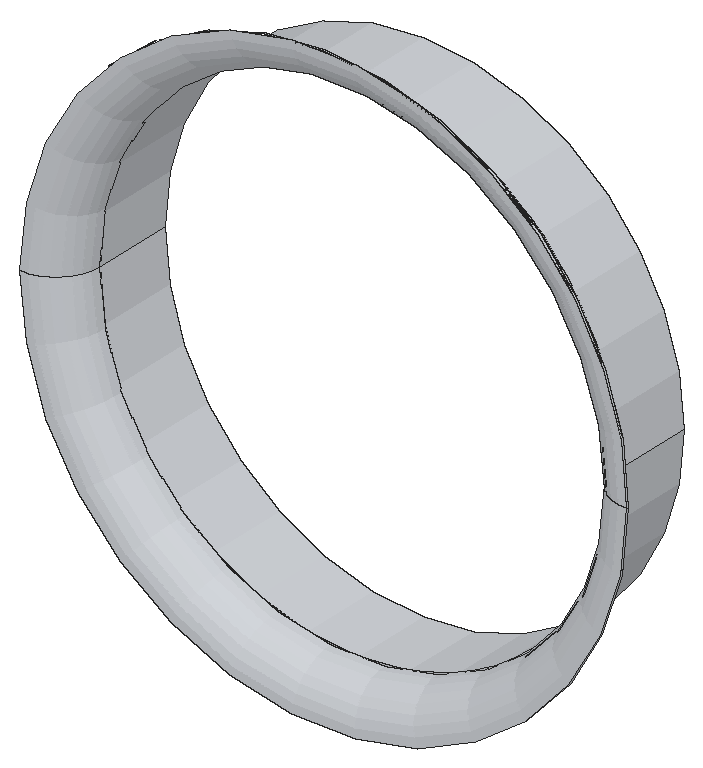
Revit family "BM", category Mechanical Equipment, Revit 2015
Parameters
  URL = "https://unitedenertech.com/catalog/pdf/J_8%20Model%20BM,%20BMD.pdf"
  Type Comments = "Consult Factory for Max. Sizes"
  R [instance] = if(D < 0' 3 115/128", 0' 0 1/2", if(D < 0' 4 115/128", 0' 0 5/8", if(D < 0' 5 115/128", 0' 0 3/4", if(D < 0' 6 115/128", 0' 0 7/8", 0' 1"))))  # 0' - 1"
  OD Radius [instance] = D / 2  # 0' - 6"
  Model = "BM"
  Manufacturer = "United Enertech Corporation"
  ID Radius [instance] = OD Radius - 0' 0 1/32"  # 0' - 5 31/32"
  Description = "Bellmouth Take-off"
  D = 1' - 0"
  A = 0' - 2 7/8"
Reference planes (in)
  plane 1 "Center (Front/Back)": y = 0
  plane 2: z = 0
  plane 3 "Center (Left/Right)": x = 0
  plane 4: y = 2.875
  plane 5: y = 1
  plane 6: x = -6
  plane 7: x = 6
  plane 8: x = -7
  plane 9: x = 7
  plane 10: x = -5.97
  plane 11: x = 5.97
  plane 12: y = 0.03
Forms (in)
  Extrusion 1, solid
    sketch origin (0, 0, 0) x (1, 0, 0) y (0, 0, 1)
      loop
        circle (0, 0) r 6
      loop
        circle (0, 0) r 5.96875
    from -2.875 to -1
  Revolve 2, solid
    sketch origin (0, 0, 0) x (1, 0, 0) y (0, 1, 0)
      loop
        arc (-7, 0) -> (-6.26365, 0.27201) -> (-5.97, 1) r 0.96958
        line (-5.97, 1) -> (-6.00127, 1)
        arc (-6.00127, 1) -> (-6.28575, 0.29411) -> (-7, 0.03131) r 0.93833
        line (-7, 0.03131) -> (-7, 0)
      axis (0, 0) -> (0, 1)
    angle from 0 to 360
Dimensions and locks (in)
  "A": plane 4 to plane 1 "Center (Front/Back)"
  "R": plane 5 to plane 1 "Center (Front/Back)"
  equal spacing: plane 6, plane 3 "Center (Left/Right)", plane 7
  "D": plane 6 to plane 7
  "R": plane 8 to plane 6
  "R": plane 7 to plane 9
  locked: plane 6 to plane 10 at 0.03
  locked: plane 11 to plane 7 at 0.03
  locked: plane 12 to plane 1 "Center (Front/Back)" at 0.03
  "ID Radius": radius of Extrusion 1 sketch curve
  "OD Radius": radius of Extrusion 1 sketch curve
  aligned and locked: level to plane 2
  aligned and locked: Extrusion 1 to plane 4
  aligned and locked: Extrusion 1 to plane 5
  aligned and locked: plane 1 "Center (Front/Back)" to Revolve 2 sketch curve
  aligned and locked: plane 8 to Revolve 2 sketch curve
  aligned and locked: plane 10 to Revolve 2 sketch curve
  aligned and locked: plane 5 to Revolve 2 sketch curve
Automatic sketch dimensions
  Revolve 2 sketch curve to Revolve 2 sketch curve = 0' - 0"  (x2)
  Revolve 2 sketch curve to plane 3 "Center (Left/Right)" = 0' - 0"
  Revolve 2 sketch curve to plane 5 = 0' - 0.03234"
  plane 6 to Revolve 2 sketch curve = 0' - 0.00127"
  plane 1 "Center (Front/Back)" to Revolve 2 sketch curve = 0' - 2 1/2"
  Revolve 2 sketch curve to plane 4 = 0' - 1 1/8"
  Extrusion 1 sketch curve to Extrusion 1 sketch curve = 0' - 0"  (x2)
  Extrusion 1 sketch curve to level = 0' - 0"
  Extrusion 1 sketch curve to plane 3 "Center (Left/Right)" = 0' - 0"
